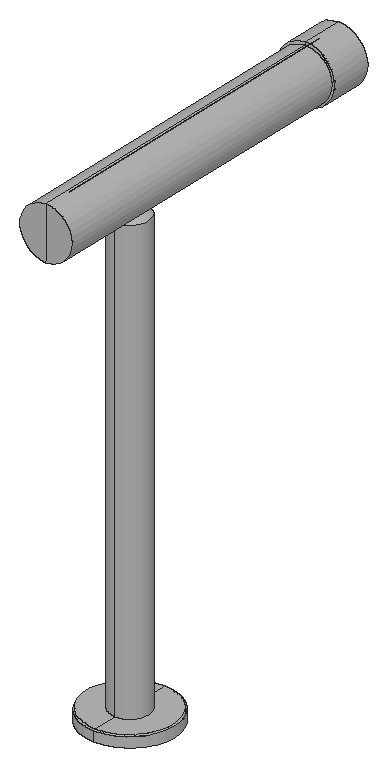
Revit family "Plumbing_Drainage_DURAVIT-AG_Design-siphon-Bronze-Brushed-005036_NEW", category Plumbing Fixtures, host Face, Revit 2022
Family settings
  Host = Face
  Round Connector Dimension = Use Diameter
  Part Type = Normal
  OmniClass Number = 23.31.13.17.13
  OmniClass Title = Sink Drains
  Cut with Voids When Loaded = No
  Maintain Annotation Orientation = No
  Shared = No
  Room Calculation Point = No
Parameters (values of type "10 - Chrome - 70x311")
  Width = 70 mm  # constant formula
  Weight = 1.50 kg  # constant formula
  Version = 1
  URL = "https://www.duravit.com/"
  Real Depth [instance] = if(Depth > Max Depth, Max Depth, if(Depth < Min Depth, Min Depth, Depth))  # 400 mm
  Product data url = "https://bimobject.com/duravit/product/design-siphon-005036"
  Product certification = "http://pro.duravit.com/p/005036"
  Product Page URL = "https://pro.duravit.com/p/005036"
  Product Documentation Link = "https://pro.duravit.com/p/005036"
  Model = "Design siphon - 005036"  # constant formula
  Min Depth [instance] = 100 mm  # constant formula
  Max Depth [instance] = 400 mm  # constant formula
  Manufacturer = "Duravit"  # constant formula
  Material 1 = Duravit - Metal - 10 - Chrome
  Installation instructions = "https://duravit-public-assets.s3.eu-central-1.amazonaws.com/3/9/Duravit_MI_393784.pdf"
  Height = 311 mm  # constant formula
  Diameter = 32 mm  # constant formula
  Description = "Duravit  Design siphon Bronze Brushed Material: Brass Outlet drain: horizontal Suitable for Washbasin - 0050360400"  # constant formula
  Depth [instance] = 400 mm
  Default Elevation = 0 mm
  Date Updated = ""
  Date Created = "2025/04/01"  # constant formula
  Article Number = "0050361000"
Types (6, lengths in mm): name | Material 1 | Article Number
  (no name) | Duravit - Metal - 10 - Chrome | "0050361000"
  10 - Chrome - 70x311 | Duravit - Metal - 10 - Chrome | "0050361000"
  46 - Black Matt - 70x311 | Duravit - Metal - 46 - Black Matt | "0050364600"
  34 - Polished Gold - 70x311 | Duravit - Metal - 34 - Polished Gold | "0050363400"
  04 - Brushed Bronze - 70x311 | Duravit - Metal - 04 - Brushed Bronze | "0050360400"
  70 - Brushed Stainless Steel - 70x311 | Duravit - Metal - 70 - Brushed Stainless Steel | "0050367000"
Reference planes
  plane 1 "Center (Front/Back)": y = 0
  plane 2: z = 0
  plane 3 "Center (Left/Right)": x = 0
  plane 4: z = 434.375
  plane 5: y = 222.1
  plane 6: y = -88.9
  plane 7: z = 385.825
  plane 8: z = 385.825
  plane 9: z = 10
  plane 10: z = 410
Forms (mm)
  Extrusion 1, solid, material "Duravit - Metal - 10 - Chrome" <- "Material 1", detail levels coarse+medium
    sketch origin (0, 0, 0) x (1, 0, 0) y (0, 0, 1)
      loop
        circle (0, 410) r 24
    from -222.1 to 88.9
  Revolve 2, solid, material "Duravit - Metal - 10 - Chrome" <- "Material 1", detail levels coarse+medium
    sketch origin (0, 0, 0) x (0, 1, 0) y (0, 0, 1)
      loop
        line (0, 391.926) -> (0, 0) -> (38, 0) -> (38, 10) -> (15.894, 10) -> (15.894, 385.825)
        arc (15.894, 385.825) -> (8.353, 389.935) -> (0, 391.926) r 32.508
      axis (0, 391.926) -> (0, 0)
    angle from 0 to 360
  Revolve 3, solid, material "Duravit - Metal - 10 - Chrome" <- "Material 1", detail levels fine
    sketch origin (0, 0, 0) x (0, 1, 0) y (0, 0, 1)
      loop
        line (-88.9, 410.075) -> (-82, 410.075) -> (-82, 425.475) -> (212.1, 425.475) -> (212.1, 424.675) -> (214.1, 424.675) -> (214.1, 429.602) -> (220.63, 429.602) -> (222.1, 431.072) -> (222.1, 434.375) -> (187.11, 434.375) -> (186.669, 432.375) -> (-88.9, 432.375) -> (-88.9, 410.075)
      axis (-88.9, 410.075) -> (222.1, 410.075)
    angle from 0 to 360
  Revolve 4, solid, material "Duravit - Metal - 10 - Chrome" <- "Material 1", detail levels fine
    sketch origin (0, 0, 0) x (0, 1, 0) y (0, 0, 1)
      loop
        line (0, 391.926) -> (0, 0) -> (38, 0) -> (38, 8.967) -> (36.967, 10) -> (15.894, 10) -> (15.894, 385.825)
        arc (15.894, 385.825) -> (8.353, 389.935) -> (0, 391.926) r 32.508
      axis (0, 391.926) -> (0, 0)
    angle from 0 to 360
Cuts and joins
  joined: Extrusion 1, Revolve 2
  joined: Revolve 3, Revolve 4
Lines and regions (mm)
  symbolic lines
    curve 1: line (-24.3, 222.1, 0) -> (24.3, 222.1, 0)
    curve 2: line (24.3, 222.1, 0) -> (24.3, 187.11, 0)
    curve 3: line (24.3, 187.11, 0) -> (22.3, 186.669, 0)
    curve 4: line (22.3, 186.669, 0) -> (22.3, 30.769, 0)
    curve 5: line (22.3, -88.9, 0) -> (-22.3, -88.9, 0)
    curve 6: line (-24.3, 187.11, 0) -> (-22.3, 186.669, 0)
    curve 7: line (-22.3, 186.669, 0) -> (-22.3, 30.769, 0)
    curve 8: line (-24.3, 222.1, 0) -> (-24.3, 187.11, 0)
    curve 9: arc (-22.3, 30.769, 0) -> (-38, 0, 0) -> (-22.3, -30.769, 0) r 38
    curve 10: arc (22.3, -30.769, 0) -> (38, 0, 0) -> (22.3, 30.769, 0) r 38
    curve 11: line (-22.3, -30.769, 0) -> (-22.3, -88.9, 0)
    curve 12: line (22.3, -30.769, 0) -> (22.3, -88.9, 0)
    curve 17: line (0, -38, 0) -> (0, 38, 0)
    curve 18: line (0, 38, 0) -> (0, 38, 8.967)
    curve 19: line (0, 38, 8.967) -> (0, 36.967, 10)
    curve 20: line (0, 36.967, 10) -> (0, 15.894, 10)
    curve 21: line (0, 15.894, 10) -> (0, 15.894, 387.759)
    curve 22: line (0, 15.894, 387.759) -> (0, 186.669, 387.759)
    curve 23: line (0, 186.669, 387.759) -> (0, 187.11, 385.775)
    curve 24: line (0, 187.11, 385.775) -> (0, 222.1, 385.775)
    curve 25: line (0, 222.1, 385.775) -> (0, 222.1, 434.375)
    curve 26: line (0, 222.1, 434.375) -> (0, 187.11, 434.375)
    curve 27: line (0, 187.11, 434.375) -> (0, 186.669, 432.375)
    curve 28: line (0, 186.669, 432.375) -> (0, -88.9, 432.375)
    curve 29: line (0, -88.9, 432.375) -> (0, -88.9, 387.775)
    curve 30: line (0, -88.9, 387.775) -> (0, -15.894, 387.775)
    curve 31: line (0, -15.894, 10) -> (0, -15.894, 387.775)
    curve 32: line (0, -36.967, 10) -> (0, -15.894, 10)
    curve 33: line (0, -38, 0) -> (0, -38, 8.967)
    curve 34: line (0, -38, 8.967) -> (0, -36.967, 10)
    curve 40: line (-38, 0, 0) -> (38, 0, 0)
    curve 41: line (38, 0, 0) -> (38, 0, 8.967)
    curve 42: line (38, 0, 8.967) -> (36.967, 0, 10)
    curve 43: line (36.967, 0, 10) -> (15.894, 0, 10)
    curve 44: line (15.894, 0, 10) -> (15.894, 0, 391.375)
    curve 45: arc (15.894, 0, 391.375) -> (0.606, 0, 434.424) -> (-15.9, 0, 391.827) r 24.365
    curve 46: line (-15.9, 0, 391.827) -> (-15.9, 0, 10)
    curve 47: line (-15.9, 0, 10) -> (-37, 0, 10)
    curve 48: line (-37, 0, 10) -> (-38, 0, 9)
    curve 49: line (-38, 0, 9) -> (-38, 0, 0)
  symbolic lines, detail levels fine
    curve 13: line (-24.3, 187.11, 0) -> (24.3, 187.11, 0)
    curve 14: line (-22.3, 186.669, 0) -> (22.3, 186.669, 0)
    curve 15: line (-22.3, 30.769, 0) -> (-22.3, -30.769, 0)
    curve 16: line (22.3, 30.769, 0) -> (22.3, -30.769, 0)
    curve 35: line (0, -38, 8.967) -> (0, 38, 8.967)
    curve 36: line (0, -15.894, 10) -> (0, 15.894, 10)
    curve 37: line (0, -15.894, 387.775) -> (0, 15.891, 387.775)
    curve 38: line (0, 186.669, 432.375) -> (0, 186.669, 387.759)
    curve 39: line (0, 187.11, 434.375) -> (0, 187.11, 385.775)
    curve 50: line (-15.9, 0, 10) -> (15.894, 0, 10)
    curve 51: line (38, 0, 8.967) -> (-38, 0, 8.967)
Dimensions and locks
  locked: plane 6 to plane 1 "Center (Front/Back)" at 88.9
  plane 1 "Center (Front/Back)" to Revolve 2 sketch curve to Revolve 2 sketch curve = 15.894 mm locked, 22.106 mm locked
  locked: plane 4 to plane 7 at 48.55
  locked: Revolve 2 sketch curve to plane 1 "Center (Front/Back)" at 3.297
  locked: Revolve 2 sketch curve to plane 7 at 26.24
  locked: Revolve 3 sketch curve to Revolve 3 sketch curve at 6.9
  Revolve 3 sketch curve to Revolve 3 sketch curve to Revolve 3 sketch curve to Revolve 3 sketch curve to Revolve 3 sketch curve to Revolve 3 sketch curve = 0.441 mm locked, 24.99 mm locked, 2 mm locked, 6.53 mm locked, 1.47 mm locked
  plane 1 "Center (Front/Back)" to Revolve 4 sketch curve to Revolve 4 sketch curve = 15.894 mm locked, 22.106 mm locked
  locked: plane 4 to plane 8 at 48.55
  locked: Revolve 4 sketch curve to plane 1 "Center (Front/Back)" at 3.297
  locked: Revolve 4 sketch curve to plane 8 at 26.24
  "Height": plane 6 to plane 5
  locked: plane 4 to curve 45 at 24.313
  locked: plane 9 to plane 2 at 10
  locked: plane 4 to plane 10 at 24.375
  "Real Depth": plane 10 to plane 9
  aligned and locked: plane 2 to host face
  aligned and locked: level to host face
  aligned and locked: plane 6 to Extrusion 1
  aligned and locked: plane 5 to Extrusion 1
  aligned and locked: plane 7 to Revolve 2 sketch curve
  aligned and locked: plane 1 "Center (Front/Back)" to Revolve 2 sketch curve
  aligned and locked: Revolve 3 sketch curve to plane 6
  aligned and locked: Revolve 3 sketch curve to plane 5
  aligned and locked: plane 8 to Revolve 4 sketch curve
  aligned and locked: plane 1 "Center (Front/Back)" to Revolve 4 sketch curve
  aligned and locked: curve 1 to plane 5
  aligned and locked: curve 5 to plane 6
  aligned and locked: curve 9 to cut or joined group of Revolve 3, Revolve 4
  aligned and locked: curve 10 to cut or joined group of Revolve 3, Revolve 4
  aligned and locked: plane 5 to curve 25
  aligned and locked: plane 6 to curve 29
  aligned and locked: plane 4 to curve 26
Automatic sketch dimensions
  host sketch curve to host sketch curve = 2438.4 mm  (x2)
  Extrusion 1 sketch curve to plane 3 "Center (Left/Right)" = 0 mm
  Extrusion 1 sketch curve to plane 4 = 24.375 mm
  Revolve 2 sketch curve to plane 1 "Center (Front/Back)" = 0 mm
  Revolve 2 sketch curve to level = 0 mm
  level to Revolve 2 sketch curve = 10 mm
  Revolve 2 sketch curve to Revolve 2 sketch curve = 145.45 mm
  Revolve 2 sketch curve to Revolve 2 sketch curve = 13.899 mm
  Revolve 4 sketch curve to plane 1 "Center (Front/Back)" = 0 mm
  Revolve 4 sketch curve to level = 0 mm
  Revolve 4 sketch curve to Revolve 4 sketch curve = 1.033 mm  (x2)
  level to Revolve 4 sketch curve = 8.967 mm
  Revolve 4 sketch curve to level = 145.45 mm
  Revolve 4 sketch curve to Revolve 4 sketch curve = 13.899 mm
  curve 15 to plane 3 "Center (Left/Right)" = 22.3 mm
  curve 13 to curve 6 = 2 mm
  plane 3 "Center (Left/Right)" to curve 4 = 22.3 mm
  plane 3 "Center (Left/Right)" to curve 2 = 24.3 mm
  curve 3 to plane 5 = 35.431 mm
  curve 3 to curve 3 = 0.441 mm
  Revolve 3 sketch curve to plane 6 = 0 mm
  Revolve 3 sketch curve to plane 4 = 0 mm
  Revolve 3 sketch curve to plane 4 = 2 mm
  Revolve 3 sketch curve to plane 4 = 3.303 mm
  Revolve 3 sketch curve to Revolve 3 sketch curve = 1.47 mm
  Revolve 3 sketch curve to Revolve 3 sketch curve = 4.127 mm
  Revolve 3 sketch curve to Revolve 3 sketch curve = 0.8 mm
  Revolve 3 sketch curve to Revolve 3 sketch curve = 15.4 mm
  Revolve 3 sketch curve to plane 4 = 24.3 mm
  plane 5 to Revolve 3 sketch curve = 49 mm
  curve 33 to level = 0 mm
  plane 1 "Center (Front/Back)" to curve 33 = 38 mm
  curve 33 to curve 32 = 1.033 mm
  plane 1 "Center (Front/Back)" to curve 37 = 15.894 mm
  curve 22 to plane 1 "Center (Front/Back)" = 15.894 mm
  level to curve 20 = 10 mm
  curve 20 to curve 20 = 21.074 mm
  curve 19 to curve 18 = 1.033 mm
  curve 38 to plane 4 = 2 mm
  curve 38 to plane 5 = 35.431 mm
  curve 27 to curve 27 = 0.441 mm
  curve 19 to curve 19 = 1.033 mm
  curve 24 to curve 27 = 46.6 mm
  curve 22 to plane 4 = 46.617 mm
  curve 21 to curve 30 = 0.017 mm
  curve 37 to curve 21 = 0.003 mm
  curve 40 to level = 0 mm
  curve 40 to plane 3 "Center (Left/Right)" = 38 mm
  level to curve 48 = 10 mm
  curve 48 to curve 48 = 1 mm
  curve 50 to plane 3 "Center (Left/Right)" = 15.9 mm
  plane 3 "Center (Left/Right)" to curve 45 = 0.259 mm
  plane 3 "Center (Left/Right)" to curve 43 = 15.894 mm
  curve 43 to curve 43 = 21.074 mm
  curve 42 to curve 40 = 1.033 mm
  curve 42 to curve 42 = 1.033 mm
  curve 49 to curve 47 = 1 mm
  curve 44 to curve 45 = 18.687 mm
  radius of Extrusion 1 sketch curve = 24 mm
Connectors
  piping at (0, 0, 0), diameter 32, driven by "Diameter"
    settings: on cut or joined group of Revolve 3, Revolve 4, index 1, connector inside diameter 609.6 mm, connector length 0 mm, flow factor 0, pipe flow 0.0 L/s, pressure drop 0.0 Pa, fitting loss kfactor 0, connector angle 0.00°, fixture units 0, engagement length 0 mm, angle of deflection 0.00°, flow configuration 0, flow direction 2, fitting loss method 0, system type 16, joint type 0, gender type 0, connector reference index -1, connector utility 0, adjustable connector no, is connector primary yes, connector description "Water Outlet"
  piping at (0, 222.1, 410), diameter 32, driven by "Diameter"
    settings: on cut or joined group of Extrusion 1, Revolve 2, index 2, connector inside diameter 609.6 mm, connector length 0 mm, flow factor 0, pipe flow 0.0 L/s, pressure drop 0.0 Pa, fitting loss kfactor 0, connector angle 0.00°, fixture units 0, engagement length 0 mm, angle of deflection 0.00°, flow configuration 0, flow direction 1, fitting loss method 0, system type 16, joint type 0, gender type 0, connector reference index -1, connector utility 0, adjustable connector no, is connector primary no, connector description "Water Inlet"
